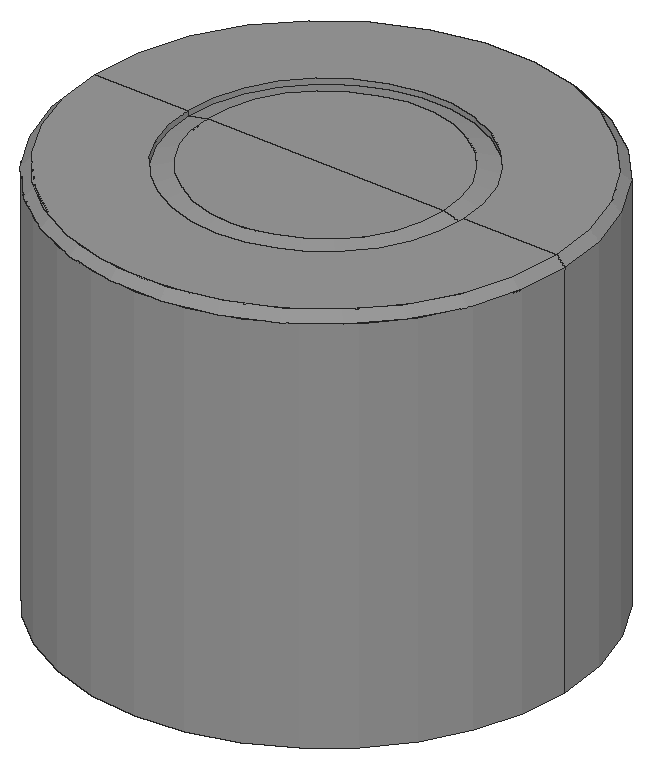
Revit family "4068701 Sylvania Lighting Fixture PATHE WALL ROUND2 76LM LED 3K", category Lighting Fixtures, host Face, Revit 2016
Family settings
  Host = Face
  Part Type = Normal
  Round Connector Dimension = Use Diameter
  OmniClass Number = 23.80.70.00
  OmniClass Title = Lighting
  Cut with Voids When Loaded = No
  Light Source = Yes
  Shared = No
  Room Calculation Point = No
Parameters (values of type "4068701 PATHE/W/R2 76LM LED 3K")
  Weight = "0.6 kg"
  Wattage Comments = ""
  Wattage = 1.5 W
  WarrantyStartDate [instance] = "n/a"
  WarrantyGuarantorParts = "n/a"
  WarrantyDurationUnit = "n/a"
  WarrantyDurationParts = "n/a"
  WarrantyDescription = "n/a"
  built-in parameter 1150110 = 1 (stored number, unit not read)
  Voltage = 0 V
  URL = "http://www.sylvania-lighting.com"
  TypeName = "PATHE/WALL/ROUND2 76LM LED 3K"
  Type Image = <None>
  Type Comments = "n/a"
  built-in parameter 1114217 = 1 (stored number, unit not read)
  Tilt Angle = -90.00°
  built-in parameter 1150109 = 1 (stored number, unit not read)
  built-in parameter 1150134 = (empty or 0)
  built-in parameter 1150113 = 1 (stored number, unit not read)
  SerialNumber [instance] = "n/a"
  Radius_SYL = 47.5 mm
  RadiusDiffuser_SYL = 27.5 mm
  Photometric Web File = "4068701.ies"
  Material_3_SYL = none
  PowerFactor = 0
  PowerConsumption = "1.5 W"
  NominalLength = 95 mm
  NominalHeight = 75 mm
  NominalDepth = 0 mm
  Name = "PATHE/WALL/ROUND2 76LM LED 3K"
  ModelReference = Name  # "PATHE/WALL/ROUND2 76LM LED 3K"
  ModelNumber = "4068701"
  Model = Name  # "PATHE/WALL/ROUND2 76LM LED 3K"
  Material = "corrosion resistant anodized aluminum housing, tempered safety glass diffuser"
  ManufacturerName = "Feilo Sylvania"
  Manufacturer = "Feilo Sylvania"
  LuminousEfficacy = "50.66 lm/W"
  built-in parameter 1150105 = 6.0479 (stored number, unit not read)
  Lumens = 76 lm
  LuminaireType = ""
  built-in parameter 1150115 = 1 (stored number, unit not read)
  LightOutputRatio = "100"
  built-in parameter 1150137 = (empty or 0)
  built-in parameter 1150139 = (empty or 0)
  LampsType = Lamp  # "LED"
  LampNominalLuminous = "76 lm"
  LampMacAdamStep = "n/a"
  LampColourTemperature = "3000 K"
  LampColourRenderingIndex = "80"
  built-in parameter 1150112 = 1 (stored number, unit not read)
  built-in parameter 1150114 = 1 (stored number, unit not read)
  Lamp = "LED"
  Keynote = "16500"
  InstallationDate [instance] = "n/a"
  InputVoltage = "n/a"
  InputNominalFrequency = "n/a"
  built-in parameter 1150132 = (empty or 0)
  built-in parameter 1150102 = (empty or 0)
  built-in parameter 1150107 = 3000 (stored number, unit not read)
  built-in parameter 1150138 = (empty or 0)
  IngressProtection = "IP67"
  ImpactProtectionIndex = "IK10"
  built-in parameter 1150106 = 0.060479 (stored number, unit not read)
  IfcExportType = "IfcLightFixtureType"
  IfcExportAs = "IfcLightFixtureType"
  HieghtTop_SYL = 2.2 mm
  ExpectedLife = 50000
  Emit from Circle Diameter = RadiusDiffuser_SYL * 2  # 55 mm
  Emit Shape Visible in Rendering = no
  ElectricShockClassification = "Class I"
  built-in parameter 1150104 = 4.7071 (stored number, unit not read)
  DurationUnit = "hours"
  DocumentationLiterature = "http://www.sylvania-lighting.com/product/en-int/products/4068701"
  DimmingControlOptions = "n/a"
  Material_2_SYL = Polycarbonate, Clear
  Dimming Lamp Color Temperature Shift = <None>
  Description = "Round recessed wall luminaireCorrosion resistant anodized aluminum, 76lm, 1W, 51lm/W, 3000K, CRI80+, non dimmable, IP67, IK10, (ØxD) Ø95x75mm, 3 step MacAdam ellipse, class I, 220-240, A++ A+ A"
  Default Elevation = 1219.2 mm
  CreatedOn = "9/21/2018"
  CreatedBy = "@sylvania-lighting.com"
  Cost = 0
  Color Filter = 16777215
  built-in parameter 1114216 [instance] = (empty or 0)
  ClassificationValue = "EF_70_80"
  ClassificationName = "Uniclass2015"
  Material_1_SYL = Aluminum 6061 T6 80 Hot Formed
  ChamferTop_SYL = 1.7 mm
  ChamferDiffuserTop_SYL = 4 mm
  ChamferDiffuserSide_SYL = 1 mm
  BarCode [instance] = "n/a"
  built-in parameter 1114218 = 1 (stored number, unit not read)
  built-in parameter 1150133 = 10 (stored number, unit not read)
  AssetType = "Fixed"
  AssetIdentifier [instance] = "n/a"
  Assembly Code = "D5020200"
  Apparent Load = 1.5 VA
  Material_4_SYL = none
Reference planes
  plane 1 "Center (Front/Back)": y = 0
  plane 2: z = 0
  plane 3 "Center (Left/Right)": x = 0
  plane 4: x = -40
  plane 5: x = -47.5
  plane 6: z = -75
  plane 7: x = -27.5
  plane 8: z = 2.2
  plane 9: x = -45.8
  plane 10: z = -36
  plane 11: z = -29.5
  plane 12: x = -23.5
  plane 13: z = 1.2
  plane 14: z = -6
  plane 15: z = 0.5
Forms (mm)
  Revolve 1, solid, material "Aluminum 6061 T6 80 Hot Formed" <- "Material_1_SYL"
    sketch origin (0, 0, 0) x (1, 0, 0) y (0, 0, 1)
      loop
        line (-47.5, -75) -> (0, -75) -> (0, -6) -> (-45.8, -6) -> (-45.8, 0) -> (-27.5, 0) -> (-27.5, 2.2) -> (-45.8, 2.2) -> (-47.5, 0.5) -> (-47.5, -75)
      axis (0, 2.2) -> (0, -75)
    angle from 360 to 0
  Revolve 2, solid, material "Polycarbonate, Clear" <- "Material_2_SYL"
    sketch origin (0, 0, 0) x (1, 0, 0) y (0, 0, 1)
      loop
        line (-27.5, 1.2) -> (-27.5, 0) -> (0, 0) -> (0, 2.2) -> (-23.5, 2.2) -> (-27.5, 1.2)
      axis (0, 2.2) -> (0, 0)
    angle from 360 to 0
  Revolve 3, void
    sketch origin (0, 0, 0) x (1, 0, 0) y (0, 0, 1)
      loop
        line (0, -75) -> (0, 0) -> (-47.5, 0) -> (-47.5, -75) -> (0, -75)
      axis (0, 0) -> (0, -75)
    angle from 360 to 0
Cuts and joins
  Revolve 3 cuts Revolve 2
Dimensions and locks
  locked: plane 2 to plane 6 at 75
  locked: plane 3 "Center (Left/Right)" to plane 4 at 40
  "Radius_SYL": plane 3 "Center (Left/Right)" to plane 5
  "RadiusDiffuser_SYL": plane 3 "Center (Left/Right)" to plane 7
  "ChamferTop_SYL": plane 9 to plane 5
  "ChamferDiffuserSide_SYL": plane 8 to plane 13
  "ChamferDiffuserTop_SYL": plane 12 to plane 7
  locked: plane 2 to plane 14 at 6
  "ChamferTop_SYL": plane 8 to plane 15
  "HieghtTop_SYL": plane 8 to plane 2
  aligned and locked: plane 2 to host face
  aligned and locked: level to host face
  aligned and locked: Revolve 1 sketch curve to plane 3 "Center (Left/Right)"  (x2)
  aligned and locked: plane 5 to Revolve 1 sketch curve
  aligned and locked: plane 8 to Revolve 1 sketch curve
  aligned and locked: level to Revolve 1 sketch curve
  aligned and locked: plane 9 to Revolve 1 sketch curve  (x2)
  aligned and locked: plane 7 to Revolve 1 sketch curve
  aligned and locked: plane 8 to Revolve 2 sketch curve
  aligned and locked: Revolve 2 sketch curve to plane 3 "Center (Left/Right)"  (x2)
  aligned and locked: Revolve 1 to Revolve 2 sketch curve
  aligned and locked: plane 14 to Revolve 1 sketch curve
  aligned and locked: plane 12 to Revolve 2 sketch curve
  aligned and locked: plane 7 to Revolve 2 sketch curve
  aligned and locked: plane 13 to Revolve 2 sketch curve
  aligned and locked: imposter light to plane 8
  aligned and locked: imposter light to plane 1 "Center (Front/Back)"
  aligned and locked: plane 3 "Center (Left/Right)" to imposter light
  aligned and locked: plane 15 to Revolve 1 sketch curve
  aligned and locked: plane 6 to Revolve 1 sketch curve
  aligned and locked: Revolve 3 sketch curve to plane 3 "Center (Left/Right)"  (x2)
  aligned and locked: Revolve 3 sketch curve to Revolve 1
  aligned and locked: Revolve 3 sketch curve to level
  aligned and locked: plane 5 to Revolve 3 sketch curve
Automatic sketch dimensions
  host sketch curve to host sketch curve = 2438.4 mm  (x2)
  plane 6 to Revolve 2 sketch curve = 534.6 mm
  Revolve 2 sketch curve to Revolve 2 sketch curve = 2607.058 mm
  plane 6 to Revolve 1 sketch curve = 534.6 mm
  Revolve 1 sketch curve to plane 8 = 2607.058 mm
  plane 6 to Revolve 3 sketch curve = 534.6 mm
  Revolve 3 sketch curve to plane 8 = 2607.058 mm
Connectors
  electrical at (0, 0, 0), driven by "Apparent Load", driven by "PowerFactor", driven by "Voltage"
    settings: index 1, voltage 0 V, apparent load 1.5 VA, apparent load phase1 0 VA, apparent load phase2 0 VA, apparent load phase3 0 VA, power factor 0, load classification "Lighting", number of poles 1, system type 30, power factor state 1, is connector primary yes, connector utility no, sub classification motor no, connector description ""
